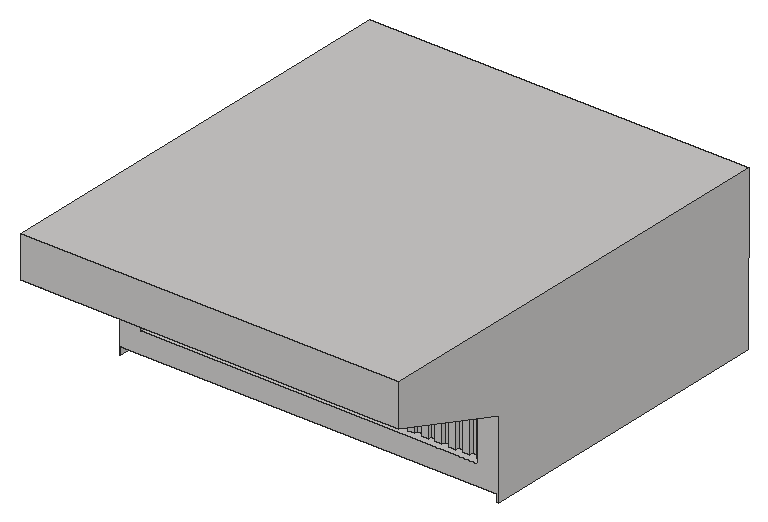
Revit family "QF_ZANUSSI_922736_HOEXST61021", category Specialty Equipment, Revit 2018
Family settings
  Round Connector Dimension = Use Diameter
  Part Type = Normal
  Work Plane-Based = No
  Always vertical = Yes
  Cut with Voids When Loaded = No
  Shared = No
  Room Calculation Point = No
Parameters
  Weight = 0.00 kg
  Watts = 0 W
  Volts = 0 V
  URL Manufacturer = "http://www.zanussiprofessional.com"
  URL = "http://www.zanussiprofessional.com"
  Steam Supply Size = 0 mm
  Steam Supply Minimum Pressure = 0.0 Pa
  Steam Supply Maximum Pressure = 0.0 Pa
  Steam Pounds per Hour = 0
  Show Logo [instance] = yes
  Show Clearance [instance] = yes
  Refrigeration Suction Line Size = 0 mm
  Refrigeration Liquid Line Size = 0 mm
  Refrigerant Compressor Remote = yes
  Manufacturer = "Zanussi"
  Phase = 0
  Model = "HOEXST61021"
  Length Actual = 1100 mm  # constant formula
  Item Number = "922736"
  Hot Water Size = 0 mm
  Height Actual = 480 mm  # constant formula
  HP = "0 HP"
  Gas Size = 0 mm
  Gas KW = 0
  Gas Input Pressure = 0 W
  Direct Waste Size = 0 mm
  Description = "EXHAUST HOOD WITHOUT FAN FOR STACKING 6+6&10 GN 2/1 OVENS"
  Depth Actual = 1400 mm  # constant formula
  Cycle = 0 Hz
  Condensate Return Size = 0 mm
  Compressed Air Volume = 0.0 L/s
  Compressed Air Size = 0 mm
  Compressed Air Pressure = 0.0 Pa
  Cold Water Size = 0 mm
  Accessory = yes
Reference planes
  plane 1 "Center X": y = 190.351
  plane 2: z = 0
  plane 3 "Center Y": x = -215
  plane 4 "LEFT": x = -760
  plane 5 "BACK": y = 675.851
  plane 6 "RIGHT": x = 330
  plane 7 "FRONT": y = -295.149
  plane 8 "TOP": z = 1728
  plane 9: y = -590.149
  plane 10: x = -764
  plane 11: x = 334
  plane 12: z = 2178
Forms (mm)
  Extrusion 1, solid, material "QF_Clearance", visible <- "Show Clearance", detail levels coarse
    sketch origin (0, 0, 0) x (1, 0, 0) y (0, 1, 0)
      loop
        line (-764, 675.851) -> (334, 675.851) -> (334, 825.851) -> (-764, 825.851) -> (-764, 675.851)
    from 1707 to 2178
  Extrusion 2, solid, material "QF_Clearance", visible <- "Show Clearance", detail levels coarse
    sketch origin (-1150.39, -1524, 2178) x (-1, 0, 0) y (0, -1, 0)
      loop
        line (-386.39, -933.851) -> (-1484.39, -933.851) -> (-1484.39, -2349.851) -> (-386.39, -2349.851) -> (-386.39, -933.851)
    from 450 to 0
  Extrusion 3, solid, material "QF_Finishes_Stainless Steel"
    sketch origin (-215, 0, 0) x (0, 1, 0) y (0, 0, 1)
      loop
        line (675.851, 1728) -> (675.851, 2178) -> (-590.149, 2178) -> (-590.149, 2057.936) -> (-230.149, 1933.979) -> (-230.149, 1728) -> (675.851, 1728)
    from -549 to -489
  Extrusion 4, solid, material "QF_Finishes_Stainless Steel"
    sketch origin (-215, 0, 0) x (0, 1, 0) y (0, 0, 1)
      loop
        line (675.851, 1728) -> (675.851, 2178) -> (-590.149, 2178) -> (-590.149, 2057.936) -> (-230.149, 1933.979) -> (-230.149, 1728) -> (675.851, 1728)
    from 549 to 489
  Extrusion 5, solid, material "QF_Finishes_Stainless Steel"
    sketch origin (-215, 0, 0) x (0, 1, 0) y (0, 0, 1)
      loop
        line (675.851, 1728) -> (675.851, 2178) -> (-590.149, 2178) -> (-590.149, 2057.936) -> (-210.149, 2057.936) -> (-210.149, 1788) -> (-230.149, 1788) -> (-230.149, 1728) -> (675.851, 1728)
    from -489 to 489
  Extrusion 6, solid, material "QF_Finishes_Stainless Steel"
    sketch origin (0, -295.149, 0) x (-1, 0, 0) y (0, 0, 1)
      loop
        line (764, 1728) -> (760, 1728) -> (760, 1707) -> (764, 1707) -> (764, 1728)
      loop
        line (-330, 1728) -> (-334, 1728) -> (-334, 1707) -> (-330, 1707) -> (-330, 1728)
    from 65 to 971
  Extrusion 7, void
    sketch origin (0, 0, 0) x (1, 0, 0) y (0, 1, 0)
      loop
        line (-685, -200.149) -> (-685, -210.149) -> (-665, -210.149) -> (-665, -200.149) -> (-685, -200.149)
      loop
        line (-645, -200.149) -> (-645, -210.149) -> (-625, -210.149) -> (-625, -200.149) -> (-645, -200.149)
      loop
        line (-605, -200.149) -> (-605, -210.149) -> (-585, -210.149) -> (-585, -200.149) -> (-605, -200.149)
      loop
        line (-565, -200.149) -> (-565, -210.149) -> (-545, -210.149) -> (-545, -200.149) -> (-565, -200.149)
      loop
        line (-525, -200.149) -> (-525, -210.149) -> (-505, -210.149) -> (-505, -200.149) -> (-525, -200.149)
      loop
        line (-485, -200.149) -> (-485, -210.149) -> (-465, -210.149) -> (-465, -200.149) -> (-485, -200.149)
      loop
        line (-445, -200.149) -> (-445, -210.149) -> (-425, -210.149) -> (-425, -200.149) -> (-445, -200.149)
      loop
        line (-405, -200.149) -> (-405, -210.149) -> (-385, -210.149) -> (-385, -200.149) -> (-405, -200.149)
      loop
        line (-365, -200.149) -> (-365, -210.149) -> (-345, -210.149) -> (-345, -200.149) -> (-365, -200.149)
      loop
        line (-325, -200.149) -> (-325, -210.149) -> (-305, -210.149) -> (-305, -200.149) -> (-325, -200.149)
      loop
        line (-285, -200.149) -> (-285, -210.149) -> (-265, -210.149) -> (-265, -200.149) -> (-285, -200.149)
      loop
        line (-245, -200.149) -> (-245, -210.149) -> (-225, -210.149) -> (-225, -200.149) -> (-245, -200.149)
      loop
        line (-205, -200.149) -> (-205, -210.149) -> (-185, -210.149) -> (-185, -200.149) -> (-205, -200.149)
      loop
        line (-165, -200.149) -> (-165, -210.149) -> (-145, -210.149) -> (-145, -200.149) -> (-165, -200.149)
      loop
        line (-125, -200.149) -> (-125, -210.149) -> (-105, -210.149) -> (-105, -200.149) -> (-125, -200.149)
      loop
        line (-85, -200.149) -> (-85, -210.149) -> (-65, -210.149) -> (-65, -200.149) -> (-85, -200.149)
      loop
        line (-45, -200.149) -> (-45, -210.149) -> (-25, -210.149) -> (-25, -200.149) -> (-45, -200.149)
      loop
        line (-5, -200.149) -> (-5, -210.149) -> (15, -210.149) -> (15, -200.149) -> (-5, -200.149)
      loop
        line (35, -200.149) -> (35, -210.149) -> (55, -210.149) -> (55, -200.149) -> (35, -200.149)
      loop
        line (75, -200.149) -> (75, -210.149) -> (95, -210.149) -> (95, -200.149) -> (75, -200.149)
      loop
        line (115, -200.149) -> (115, -210.149) -> (135, -210.149) -> (135, -200.149) -> (115, -200.149)
      loop
        line (155, -200.149) -> (155, -210.149) -> (175, -210.149) -> (175, -200.149) -> (155, -200.149)
      loop
        line (195, -200.149) -> (195, -210.149) -> (215, -210.149) -> (215, -200.149) -> (195, -200.149)
      loop
        line (235, -200.149) -> (235, -210.149) -> (255, -210.149) -> (255, -200.149) -> (235, -200.149)
    from 1788 to 2057.936
  Extrusion 8, solid, material "QF_Finishes_Stainless Steel"
    sketch origin (0, 675.851, 0) x (-1, 0, 0) y (0, 0, 1)
      loop
        circle (-309, 2113) r 8
      loop
        circle (215, 1746) r 7
    from 0 to 20
  Extrusion 9, solid, material "QF_Finishes_Stainless Steel"
    sketch origin (-764, 902.856, 4000) x (0, 1, 0) y (0, 0, 1)
      loop
        line (-106.005, -2270.064) -> (-106.005, -2125.063) -> (-227.005, -2004.063) -> (-227.005, -2270.064) -> (-106.005, -2270.064)
    from 365 to 50
Cuts and joins
  joined: Extrusion 1, Extrusion 2
  Extrusion 7 cuts Extrusion 5
  joined: Extrusion 3, Extrusion 4, Extrusion 5, Extrusion 6, Extrusion 8, Extrusion 9
Lines and regions (mm)
  symbolic lines, style "QF_Clearances", visible <- "Show Clearance"
    curve 1: line (334, 825.851, 0) -> (-764, 825.851, 0)
  symbolic lines, style "Linee tratto punto"
    curve 2: line (-764, 675.851, 0) -> (334, 675.851, 0)
    curve 3: line (-764, -590.149, 0) -> (-764, 675.851, 0)
    curve 4: line (334, -590.149, 0) -> (-764, -590.149, 0)
    curve 5: line (334, 675.851, 0) -> (334, -590.149, 0)
    curve 6: line (-714, 796.851, 0) -> (-714, 675.851, 0)
    curve 7: line (-399, 796.851, 0) -> (-714, 796.851, 0)
    curve 8: line (-399, 675.851, 0) -> (-399, 796.851, 0)
    curve 19: line (-764, -590.149, 0) -> (334, 675.851, 0)
    curve 20: line (-764, 675.851, 0) -> (334, -590.149, 0)
  symbolic lines
    curve 9: line (-222, 695.851, 0) -> (-208, 695.851, 0)
    curve 10: line (-208, 695.851, 0) -> (-208, 675.851, 0)
    curve 11: line (-222, 695.851, 0) -> (-222, 675.851, 0)
    curve 12: line (317, 695.851, 0) -> (317, 675.851, 0)
    curve 13: line (317, 695.851, 0) -> (301, 695.851, 0)
    curve 14: line (301, 695.851, 0) -> (301, 675.851, 0)
  symbolic lines, style "SpecialityEquipmentHiddenLines"
    curve 15: line (-111, 534.851, 0) -> (189, 534.851, 0)
    curve 16: line (-111, 234.851, 0) -> (-111, 534.851, 0)
    curve 17: line (189, 234.851, 0) -> (-111, 234.851, 0)
    curve 18: line (189, 534.851, 0) -> (189, 234.851, 0)
Dimensions and locks
  equal spacing: plane 4 "LEFT", plane 3 "Center Y", plane 6 "RIGHT"
  plane 10 to plane 11 = 1098 mm
  plane 5 "BACK" to plane 9 = 1266 mm
  equal spacing: plane 5 "BACK", plane 1 "Center X", plane 7 "FRONT"
  locked: plane 10 to plane 4 "LEFT" at 4
  locked: plane 6 "RIGHT" to plane 11 at 4
  cut or joined group of Extrusion 3, Extrusion 4, Extrusion 5, Extrusion 6, Extrusion 7, Extrusion 8, Extrusion 9 to Extrusion 8 sketch curve = 39 mm
  Extrusion 8 sketch curve to plane 12 = 65 mm
  plane 11 to Extrusion 8 sketch curve = 25 mm
  aligned and locked: level to plane 2
Automatic sketch dimensions
  Extrusion 1 sketch curve to plane 10 = 0 mm
  Extrusion 1 sketch curve to plane 11 = 0 mm
  Extrusion 1 sketch curve to plane 5 "BACK" = 0 mm
  plane 5 "BACK" to Extrusion 1 sketch curve = 150 mm
  Extrusion 2 sketch curve to plane 9 = 0 mm
  Extrusion 2 sketch curve to plane 11 = 0 mm
  Extrusion 2 sketch curve to plane 10 = 0 mm
  plane 5 "BACK" to Extrusion 2 sketch curve = 150 mm
  Extrusion 3 sketch curve to plane 9 = 0 mm
  Extrusion 3 sketch curve to plane 8 "TOP" = 0 mm
  Extrusion 3 sketch curve to plane 5 "BACK" = 0 mm
  Extrusion 3 sketch curve to plane 12 = 0 mm
  plane 7 "FRONT" to Extrusion 3 sketch curve = 65 mm
  plane 8 "TOP" to Extrusion 3 sketch curve = 205.979 mm
  Extrusion 3 sketch curve to Extrusion 3 sketch curve = 120.064 mm
  Extrusion 4 sketch curve to plane 9 = 0 mm
  Extrusion 4 sketch curve to plane 8 "TOP" = 0 mm
  Extrusion 4 sketch curve to plane 5 "BACK" = 0 mm
  Extrusion 4 sketch curve to plane 12 = 0 mm
  plane 7 "FRONT" to Extrusion 4 sketch curve = 65 mm
  plane 8 "TOP" to Extrusion 4 sketch curve = 205.979 mm
  Extrusion 4 sketch curve to Extrusion 4 sketch curve = 120.064 mm
  Extrusion 5 sketch curve to plane 9 = 0 mm
  Extrusion 5 sketch curve to plane 8 "TOP" = 0 mm
  Extrusion 5 sketch curve to plane 5 "BACK" = 0 mm
  Extrusion 5 sketch curve to plane 12 = 0 mm
  plane 7 "FRONT" to Extrusion 5 sketch curve = 65 mm
  plane 7 "FRONT" to Extrusion 5 sketch curve = 85 mm
  plane 8 "TOP" to Extrusion 5 sketch curve = 60 mm
  Extrusion 5 sketch curve to plane 12 = 120.064 mm
  Extrusion 6 sketch curve to plane 8 "TOP" = 0 mm  (x2)
  Extrusion 6 sketch curve to plane 11 = 0 mm
  Extrusion 6 sketch curve to plane 6 "RIGHT" = 0 mm
  Extrusion 6 sketch curve to plane 4 "LEFT" = 0 mm
  Extrusion 6 sketch curve to plane 10 = 0 mm
  Extrusion 6 sketch curve to plane 8 "TOP" = 21 mm
  Extrusion 6 sketch curve to Extrusion 6 sketch curve = 21 mm
  plane 4 "LEFT" to Extrusion 7 sketch curve = 75 mm
  Extrusion 7 sketch curve to Extrusion 7 sketch curve = 20 mm  (x45)
  Extrusion 7 sketch curve to plane 3 "Center Y" = 10 mm
  plane 3 "Center Y" to Extrusion 7 sketch curve = 10 mm
  plane 7 "FRONT" to Extrusion 7 sketch curve = 85 mm  (x2)
  Extrusion 7 sketch curve to Extrusion 7 sketch curve = 0 mm  (x22)
  Extrusion 7 sketch curve to Extrusion 7 sketch curve = 10 mm  (x24)
  Extrusion 8 sketch curve to plane 3 "Center Y" = 0 mm
  Extrusion 9 sketch curve to plane 5 "BACK" = 0 mm
  plane 8 "TOP" to Extrusion 9 sketch curve = 1.937 mm
  plane 5 "BACK" to Extrusion 9 sketch curve = 121 mm
  Extrusion 9 sketch curve to Extrusion 9 sketch curve = 145 mm
  Extrusion 9 sketch curve to Extrusion 9 sketch curve = 121 mm
  curve 1 to plane 10 = 0 mm
  curve 4 to plane 10 = 0 mm
  curve 1 to plane 11 = 0 mm
  curve 19 to plane 5 "BACK" = 0 mm
  curve 19 to plane 11 = 0 mm
  curve 5 to plane 9 = 0 mm
  plane 4 "LEFT" to curve 6 = 46 mm
  curve 8 to plane 3 "Center Y" = 184 mm
  curve 11 to plane 3 "Center Y" = 7 mm
  plane 3 "Center Y" to curve 9 = 7 mm
  plane 3 "Center Y" to curve 15 = 104 mm
  curve 18 to plane 6 "RIGHT" = 141 mm
  curve 14 to plane 6 "RIGHT" = 29 mm
  curve 12 to plane 6 "RIGHT" = 13 mm
  curve 17 to plane 1 "Center X" = 44.5 mm
  curve 15 to plane 5 "BACK" = 141 mm
  curve 12 to curve 13 = 20 mm
  plane 5 "BACK" to curve 11 = 20 mm
  plane 5 "BACK" to curve 7 = 121 mm
  curve 12 to curve 1 = 130 mm
  radius of Extrusion 8 sketch curve = 8 mm
  radius of Extrusion 8 sketch curve = 7 mm
Connectors
  electrical at (309, 695.851, 2113)
    settings: on cut or joined group of Extrusion 3, Extrusion 4, Extrusion 5, Extrusion 6, Extrusion 7, Extrusion 8, Extrusion 9, index 1, voltage 0 V, apparent load 0 VA, apparent load phase1 0 VA, apparent load phase2 0 VA, apparent load phase3 0 VA, power factor 1, load classification "Altro", number of poles 1, system type 30, power factor state 1, is connector primary yes, connector utility no, sub classification motor no, connector description "Electrical Connection"
  piping at (-215, 695.851, 1746), diameter 14
    settings: on cut or joined group of Extrusion 3, Extrusion 4, Extrusion 5, Extrusion 6, Extrusion 7, Extrusion 8, Extrusion 9, index 2, connector inside diameter 609.6 mm, connector length 0 mm, flow factor 0, pipe flow 0.0 L/s, pressure drop 0.0 Pa, fitting loss kfactor 0, connector angle 0.00°, fixture units 0, engagement length 0 mm, angle of deflection 0.00°, flow configuration 1, flow direction 2, fitting loss method 0, system type 16, joint type 0, gender type 0, connector reference index -1, connector utility 0, adjustable connector no, is connector primary yes, connector description "Drain"
